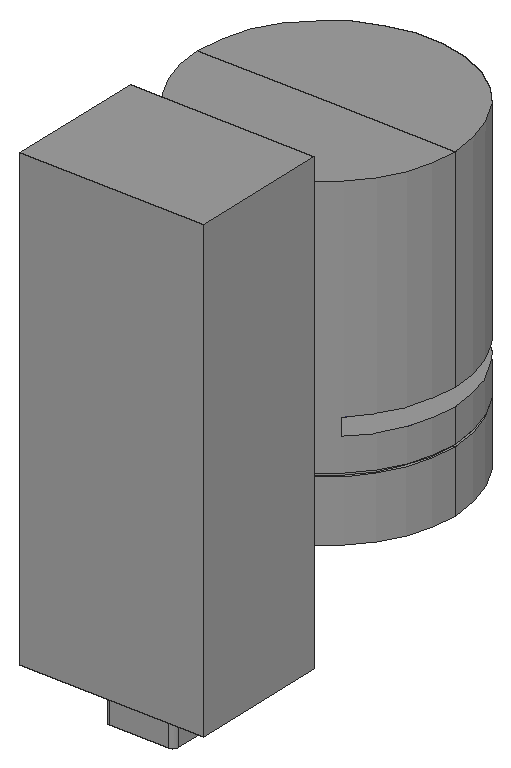
Revit family "Alcon-13307-Revit-Family", category Generic Models, host Face, Revit 2025
Family settings
  Host = Face
  Can host rebar = No
  Round Connector Dimension = Use Diameter
  Part Type = Normal
  Cut with Voids When Loaded = No
  Maintain Annotation Orientation = No
  Shared = No
  Room Calculation Point = No
Parameters
  URL = "https://www.alconlighting.com/?srsltid=AfmBOooDPhGQ0dEP-X2PMtxFfvvWpIAEL4jCll_O2F4_to5onvhnBomy"
  Product Page URL = "https://www.alconlighting.com/13307.html"
  Model = "13307"
  Manufacturer = "ALCON Lighting"
  Fixture Rotation = 90.00°
  Default Elevation = 4' - 0"
  Body = Default
Reference planes (in)
  plane 1 "Center (Front/Back)": y = 0
  plane 2: z = 0
  plane 3 "Center (Left/Right)": x = 0
Forms (in)
  Extrusion 1, solid, material "Default" <- "Body"
    sketch origin (0, -2.14172, 0.5) x (1, 0, 0) y (0, -1, 0)
      loop
        arc (-0.375, -0.3125) -> (-0.35669, -0.35669) -> (-0.3125, -0.375) r 0.0625
        line (-0.3125, -0.375) -> (0.3125, -0.375)
        arc (0.3125, -0.375) -> (0.35669, -0.35669) -> (0.375, -0.3125) r 0.0625
        line (0.375, -0.3125) -> (0.375, 0.3125)
        arc (0.375, 0.3125) -> (0.35669, 0.35669) -> (0.3125, 0.375) r 0.0625
        line (0.3125, 0.375) -> (-0.3125, 0.375)
        arc (-0.3125, 0.375) -> (-0.35669, 0.35669) -> (-0.375, 0.3125) r 0.0625
        line (-0.375, 0.3125) -> (-0.375, -0.3125)
    from 0 to 0.5
  Extrusion 2, solid, material "Default" <- "Body"
    sketch origin (0, -2.14172, 0.5) x (1, 0, 0) y (0, 1, 0)
      loop
        line (-0.985, 0.74) -> (-0.985, -0.74) -> (0.985, -0.74) -> (0.985, 0.74) -> (-0.985, 0.74)
    from 0 to 4.92
Lines and regions (in)
  reference lines
    curve 1: line (0, 0, 4) -> (0, 0, 3.75)
    curve 2: line (-3.985, 0, 3.75) -> (4.015, 0, 3.75)
Dimensions and locks (in)
  "Fixture Rotation": angle nested 1 to curve 2
  aligned and locked: plane 2 to host face
  aligned and locked: level to host face
Automatic sketch dimensions
  host sketch curve to host sketch curve = 8' - 0"  (x2)
  Extrusion 1 sketch curve to plane 3 "Center (Left/Right)" = 0' - 0 3/8"
  Extrusion 1 sketch curve to Extrusion 1 sketch curve = 0' - 0 1/16"  (x3)
  plane 3 "Center (Left/Right)" to Extrusion 1 sketch curve = 0' - 0 5/16"  (x2)
  plane 1 "Center (Front/Back)" to Extrusion 1 sketch curve = 0' - 2.51672"
  Extrusion 1 sketch curve to Extrusion 1 sketch curve = 0' - 0 5/8"
  Extrusion 1 to Extrusion 2 sketch curve = 0' - 0.61"  (x2)
  Extrusion 1 to Extrusion 2 sketch curve = 0' - 0.365"  (x2)
  curve 1 to plane 3 "Center (Left/Right)" = 0' - 0"
  level to curve 1 = 0' - 3 3/4"
  curve 2 to curve 1 = 0' - 3.985"
  plane 3 "Center (Left/Right)" to curve 2 = 0' - 4.015"
  curve 1 to curve 1 = 0' - 0 1/4"
Nested families (in)
  nested 1: "Alcon - 13307 Cylinder" at (0, 0, 3.75) x (0, 0, 1) z (0, -1, 0), type "Alcon - 13306 Cylinder"
    with built-in parameter 1001306 0.3125 (stored number, unit not read)
Definition of nested family "Alcon - 13307 Cylinder"
  Parameters (values of type "Alcon - 13307 Cylinder")
    Wattage = 9.2903 W
    built-in parameter 1150110 = 1 (stored number, unit not read)
    built-in parameter 1114217 = 1 (stored number, unit not read)
    Tilt Angle = 60.00°
    built-in parameter 1150109 = 1 (stored number, unit not read)
    built-in parameter 1150134 = 3
    built-in parameter 1150113 = 1 (stored number, unit not read)
    built-in parameter 1010507 = 1.5708 (stored number, unit not read)
    built-in parameter 1010506 = 0.5236 (stored number, unit not read)
    built-in parameter 1150105 = 4614.1 (stored number, unit not read)
    Lumens = 1380 lm
    built-in parameter 1150115 = 1 (stored number, unit not read)
    Light Source Symbol Length = 10' - 0"
    built-in parameter 1150137 = (empty or 0)
    built-in parameter 1150139 = (empty or 0)
    built-in parameter 1001306 [instance] = 4' - 0"
    built-in parameter 1150112 = 1 (stored number, unit not read)
    built-in parameter 1150114 = 1 (stored number, unit not read)
    built-in parameter 1150132 = (empty or 0)
    built-in parameter 1150102 = (empty or 0)
    built-in parameter 1150107 = 3200 (stored number, unit not read)
    built-in parameter 1150138 = (empty or 0)
    built-in parameter 1150106 = 46.141 (stored number, unit not read)
    Glass = none
    built-in parameter 1150104 = 13.8 (stored number, unit not read)
    Dimming Lamp Color Temperature Shift = (empty or 0)
    Default Elevation = 0' - 0"
    Color Filter = 16777215
    Body = none
    built-in parameter 1114218 = 1 (stored number, unit not read)
    built-in parameter 1150133 = 10 (stored number, unit not read)
  Reference planes (in)
    plane 1 "Center (Front/Back)": y = 0
    plane 2: z = 0
    plane 3 "Left": x = 0
    plane 4 "Right": x = 48
  Forms (in)
    Revolve 1, solid, material <- "Body"
      sketch origin (0, 0, 0) x (1, 0, 0) y (0, 1, 0)
        loop
          line (-2.25, 1.38) -> (-1.95658, 1.05011) -> (1.125, 1.05011) -> (1.125, 0) -> (1.25, 0) -> (1.25, 1.38) -> (-1.55678, 1.38) -> (-1.55678, 1.34875) -> (-1.58803, 1.34875) -> (-1.58803, 1.38) -> (-2.25, 1.38)
        axis (1.25, 0) -> (-2.25, 0)
      angle from 0 to 360
    Extrusion 2, solid, material <- "Glass"
      sketch origin (0, 0, 0) x (0, 1, 0) y (0, 0, 1)
        loop
          circle (0, 0) r 1.05011
      from -1.95658 to -1.88527
    Extrusion 3, solid, material <- "Body"
      sketch origin (0, 0, 0) x (0, -1, 0) y (1, 0, 0)
        loop
          circle (0, 0) r 0.5
      from 1.40172 to 1.05018
    Extrusion 4, void
      sketch origin (-1.08803, 0, 0) x (1, 0, 0) y (0, 0, 1)
        loop
          line (-0.1139, -1.09121) -> (0.07694, -1.09121) -> (0.07694, 1.00229) -> (-0.1139, 1.00229) -> (-0.1139, -1.09121)
      from -1.79294 to 1.91356
  Cuts and joins
    Extrusion 4 cuts Revolve 1
  Lines and regions (in)
    reference lines
      curve 1: line (0, 0, 0) -> (48, 0, 0)
    model lines
      curve 2: line (0, 0, 0) -> (-8.5, 0, 0)
  Dimensions and locks (in)
    "built-in parameter 1001306": plane 3 "Left" to plane 4 "Right"
    aligned and locked: plane 4 "Right" to curve 1
    aligned and locked: plane 1 "Center (Front/Back)" to curve 1
    aligned and locked: plane 3 "Left" to curve 1
    aligned and locked: level to plane 2
  Automatic sketch dimensions
    plane 1 "Center (Front/Back)" to curve 2 = 0' - 0"
    curve 2 to plane 3 "Left" = 0' - 0"
    curve 2 to curve 2 = 0' - 8 1/2"
    plane 1 "Center (Front/Back)" to Extrusion 3 sketch curve = 0' - 0"
    Extrusion 3 sketch curve to plane 3 "Left" = 0' - 0"
    Extrusion 4 sketch curve to plane 3 "Left" = 0' - 1.20193"
    Extrusion 4 sketch curve to plane 3 "Left" = 0' - 1.01108"
    Extrusion 4 sketch curve to level = 0' - 1.09121"
    level to Extrusion 4 sketch curve = 0' - 1.00229"
    plane 1 "Center (Front/Back)" to Revolve 1 sketch curve = 0' - 0"  (x2)
    Revolve 1 sketch curve to plane 3 "Left" = 0' - 2 1/4"
    Revolve 1 sketch curve to plane 1 "Center (Front/Back)" = 0' - 1.05011"
    Revolve 1 sketch curve to Revolve 1 sketch curve = 0' - 0.29342"
    Revolve 1 sketch curve to Revolve 1 sketch curve = 0' - 0.36855"
    Revolve 1 sketch curve to Revolve 1 sketch curve = 0' - 0 1/32"  (x2)
    plane 3 "Left" to Revolve 1 sketch curve = 0' - 1 1/8"
    Revolve 1 sketch curve to Revolve 1 sketch curve = 0' - 0 1/8"
    Revolve 1 sketch curve to Revolve 1 sketch curve = 0' - 0.29864"
    Revolve 1 sketch curve to Revolve 1 sketch curve = 0' - 0"
    Revolve 1 sketch curve to plane 3 "Left" = 0' - 0.92626"
    plane 3 "Left" to Revolve 1 sketch curve = 0' - 0.17599"
    Extrusion 2 sketch curve to level = 0' - 0"
    Extrusion 2 sketch curve to Extrusion 2 sketch curve = 0' - 0"
    Extrusion 2 sketch curve to plane 1 "Center (Front/Back)" = 0' - 0"
    plane 1 "Center (Front/Back)" to Extrusion 2 sketch curve = 0' - 1.05011"
    radius of Extrusion 3 sketch curve = 0' - 0 1/2"
